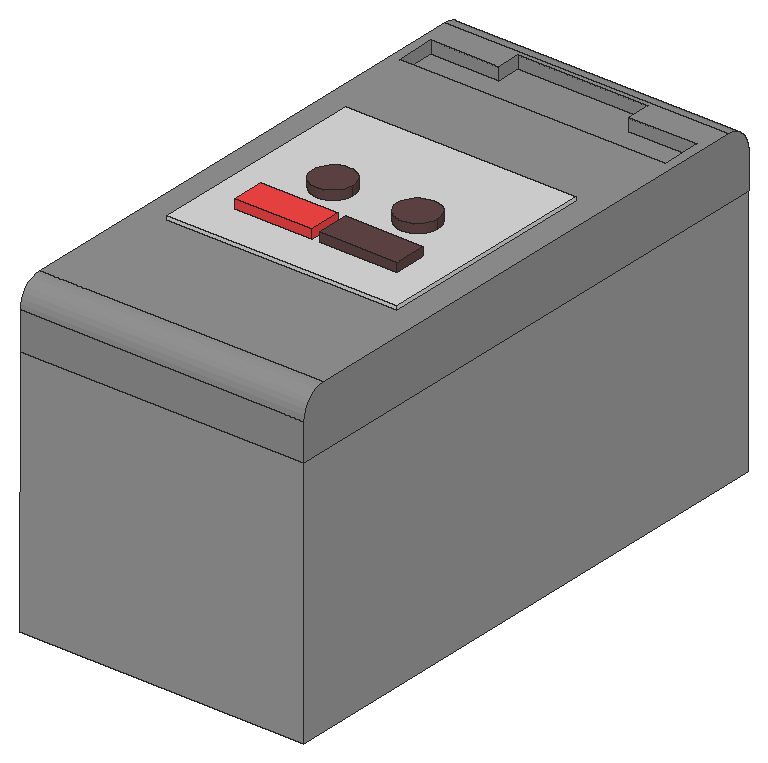
Revit family "Domotics-DomesticRanges-GEWISS-CHORUS_DATA-CONNECTOR_SOUND_DIFFUSION", category Apparecchi elettrici, host Superficie, Revit 2016
Family settings
  Host = Superficie
  Mantenere orientamento annotazione = Sì
  Tipo di parte = Normale
  Quota connettore circolare = Usa diametro
  Taglio con vuoti quando caricato = No
  Condiviso = Sì
  Punto di calcolo locali = Sì
Parameters (values of type "GW14458 - SOUND DIFFUSION CONNECTOR TITANIUM")
  struttura = Default
  Version file RFA = "19.0"
  URL = "https://www.gewiss.com/ww/en"
  Technical sheet = "https://www.gewiss.com/ww/en/search?q=GW14458"
  Simbolo [instance] = yes
  Tipo = CONNETTORE DIFFUSIONE SONORA : titanio
  SEO = "Socket outlet"
  Realized by GEWISS S.p.A. = ""
  No. Chorus modules: = "1"
  IDT = "1f108502-4920-4050-8423-f62229f2752f"
  IDF = "15f7e504-9186-4f21-a449-3aed8e615ebe"
  Electrocod = "3720                "
  EAN code = "8011564719262"
  Distanza_x [instance] = 37500 mm
  fronte = titanio
  Distanza_effettiva_x [instance] = 40000 mm - Distanza_x  # 2500 mm
  Default Elevation = 1219.2 mm
  Produttore = "GEWISS S.p.A."
  Offset_connettore [instance] = 0 mm
  Offset_bidimensionale [instance] = 2 mm
  Modello = "GW14458"
  Immagine tipo = GW14458.jpg
  IFC.TypeObject = ""
  IFC.ExportType = ""
  IFC.ExportAs = ""
  Descrizione = "SOUND DIFFUSION CONNECTOR TITANIUM"
  Description: = "Speaker socket"
  Description. = "Connector"
  Colour = "Titanium"
  Category = "Connector"
  Catalogue Range = "CHORUS - SERIE CIVILE"
  Catalogue = "DOMOTICS"
  COBie.Tagnumber = ""
  COBie.CreatedOn = ""
  COBie.CreatebBy = ""
  COBie.ComponentRegisterItemID = ""
  COBie.Component.TagNumber = ""
  COBie.Component.Space = ""
  COBie.Component.SerialNumber = ""
  COBie.Component.InstallationDate = ""
  COBie.Component.Description = ""
  COBie.Component.BarCode = ""
Types (3, lengths in mm): name | Technical sheet | Tipo | IDT | EAN code | fronte | Modello | Immagine tipo | Descrizione | Colour
  GW10458 - SOUND DIFFUSION CONNECTOR WHITE | "https://www.gewiss.com/ww/en/search?q=GW10458" | CONNETTORE DIFFUSIONE SONORA : bianco | "85f188fe-7926-46a7-bb7b-dbdd429801c5" | "8011564719200" | bianco | "GW10458" | GW10458.jpg | "SOUND DIFFUSION CONNECTOR WHITE" | "White"
  GW12458 - SOUND DIFFUSION CONNECTOR BLACK | "https://www.gewiss.com/ww/en/search?q=GW12458" | CONNETTORE DIFFUSIONE SONORA : nero | "39486d42-4fa4-4813-a014-094b83449e56" | "8011564719231" | Nero | "GW12458" | GW12458.jpg | "SOUND DIFFUSION CONNECTOR BLACK" | "Black"
  GW14458 - SOUND DIFFUSION CONNECTOR TITANIUM | "https://www.gewiss.com/ww/en/search?q=GW14458" | CONNETTORE DIFFUSIONE SONORA : titanio | "1f108502-4920-4050-8423-f62229f2752f" | "8011564719262" | titanio | "GW14458" | GW14458.jpg | "SOUND DIFFUSION CONNECTOR TITANIUM" | "Titanium"
Reference planes
  plane 1 "Centro (Fronte/Retro)": y = 0
  plane 2: z = 0
  plane 3 "Centro (Sinistra/Destra)": x = 0
  plane 4: z = 0
  plane 5: z = 25.371
  plane 6: x = -2500
  plane 7: x = 0
  plane 8: z = 27.371
  plane 9: through (-10.986, -4572, 3.503) normal (-0.9563, 0, -0.2924)
  plane 10: through (-28.131, -4572, 31.363) normal (-0.8988, 0, 0.4384)
  plane 11: through (21.745, -4572, 49.676) normal (0.9563, 0, 0.2924)
Lines and regions (mm)
  Masking region 1, detail levels coarse
    outline origin (0, 0, 0) x (1, 0, 0) y (0, 0, 1)
      loop
        line (-11.5, 25.371) -> (-11.5, 0) -> (11.5, 0) -> (11.5, 25.371) -> (-11.5, 25.371)
  Masking region 2, detail levels coarse
    outline origin (0, 0, 0) x (0, 1, 0) y (0, 0, 1)
      loop
        line (-0.924, 0) -> (-0.924, 25.371) -> (-22.5, 25.371) -> (-22.5, 0) -> (-0.924, 0)
Text (mm)
  text "A=b+c" at (5.896, 0, 74.565), in view "Anteriore"
Dimensions and locks
  plane 5 to plane 4 = 25.371 mm
  "Offset_connettore": plane 4 to plane 2
  plane 6 to plane 3 "Centro (Sinistra/Destra)" = 2500 mm
  "Distanza_effettiva_x": plane 6 to plane 7
  "Offset_bidimensionale": plane 8 to plane 5
  angle plane 10 to plane 9 = 43.00°
  angle host face to plane 10 = 64.00°
  angle plane 10 to plane 11 = 43.00°
  angle plane 7 to plane 11 = 17.00°
  aligned and locked: plane 2 to host face
  aligned and locked: level to host face
  aligned and locked: plane 1 "Centro (Fronte/Retro)" to nested 1
  aligned and locked: plane 3 "Centro (Sinistra/Destra)" to nested 1
  aligned and locked: plane 7 to nested 2
  aligned and locked: Masking region 1 sketch curve to plane 4
  aligned and locked: Masking region 1 sketch curve to plane 5
  aligned and locked: Masking region 2 sketch curve to nested 1
  aligned and locked: Masking region 2 sketch curve to plane 4
  aligned and locked: Masking region 2 sketch curve to plane 5
  aligned and locked: nested 1 to plane 4
  aligned and locked: import instance to nested 1
  aligned and locked: nested 1 to import instance
  aligned and locked: import instance to plane 8
Automatic sketch dimensions
  host sketch curve to host sketch curve = 2438.4 mm  (x2)
  Masking region 2 sketch curve to Masking region 2 sketch curve = 21.576 mm
  Masking region 1 sketch curve to plane 3 "Centro (Sinistra/Destra)" = 11.5 mm
  plane 3 "Centro (Sinistra/Destra)" to Masking region 1 sketch curve = 11.5 mm
Nested families
  nested 1: "CONNETTORE DIFFUSIONE SONORA" at (0, 0, 0), type <- "Tipo", type "titanio", detail levels medium+fine
  nested 2: "SIMBOLO PRESA USB" at (0, 1.544, 0), SIMBOLO <- "Simbolo", type "USB"
    with SIMBOLO yes, Distanza dal muro 4.208 mm, BORDO ACCESO yes
Definition of nested family "CONNETTORE DIFFUSIONE SONORA"
  Parameters (values of type "V")
    struttura = none
    sp = 20.371 mm
    l = 23 mm
    h = 45 mm  # constant formula
    fronte = none
  Reference planes
    plane 1 "Centro (Fronte/Retro)": y = 0
    plane 2: z = 0
    plane 3 "Centro (Sinistra/Destra)": x = 0
    plane 4: z = 25.371
    plane 5: z = 20.371
    plane 6: y = -22.5
    plane 7: y = 22.5
    plane 8: x = -11.5
    plane 9: x = 11.5
    plane 10: x = -9.31
    plane 11: x = 9.31
    plane 12: z = 24.371
    plane 13: y = 9.32
    plane 14: through (-25.708, -16.185, 1200) normal (-0.3584, 0.9336, 0)
    plane 15: through (-50.401, -1524, -15.365) normal (-0.454, 0, 0.891)
    plane 16: through (0, -1524, 10.316) normal (-0.2588, 0, -0.9659)
    plane 17: y = 7.725
    plane 18: y = -10.372
    plane 19: z = 25.671
    plane 20: z = 26.371
  Forms (mm)
    Extrusion 1, solid, material <- "fronte"
      sketch origin (0, 0, 0) x (0, 1, 0) y (0, 0, 1)
        loop
          arc (-20.5, 25.371) -> (-21.914, 24.785) -> (-22.5, 23.371) r 2
          line (-22.5, 23.371) -> (-22.5, 20.371) -> (22.5, 20.371) -> (22.5, 23.371)
          arc (22.5, 23.371) -> (21.914, 24.785) -> (20.5, 25.371) r 2
          line (20.5, 25.371) -> (-20.5, 25.371)
      from -11.5 to 11.5
    Extrusion 2, solid, material <- "struttura"
      sketch origin (0, 0, 0) x (0, 1, 0) y (0, 0, 1)
        loop
          line (-22.5, 20.371) -> (-22.5, 0) -> (22.5, 0) -> (22.5, 20.371) -> (-22.5, 20.371)
      from -11.5 to 11.5
    Extrusion 3, void
      sketch origin (0, -0.625, 0) x (1, 0, 0) y (0, 1, 0)
        loop
          line (-5.27, 20.769) -> (-5.27, 18.83) -> (-10.76, 18.83) -> (-10.76, 15.646) -> (10.76, 15.646) -> (10.76, 18.83) -> (5.27, 18.83) -> (5.27, 20.769) -> (-5.27, 20.769)
      from 24.371 to 25.371
    Extrusion 4, solid
      sketch origin (0, 0, 0) x (1, 0, 0) y (0, 1, 0)
        loop
          line (-9.31, -10.372) -> (9.31, -10.372) -> (9.31, 7.725) -> (-9.31, 7.725) -> (-9.31, -10.372)
      from 25.371 to 25.671
    Extrusion 5, solid
      sketch origin (0, 0, 0) x (1, 0, 0) y (0, 1, 0)
        loop
          line (0.304, -6.963) -> (6.562, -6.963) -> (6.562, -4.328) -> (0.304, -4.328) -> (0.304, -6.963)
        loop
          circle (-3.433, -0.924) r 1.647
        loop
          circle (3.433, -0.924) r 1.647
      from 24.371 to 26.371
    Extrusion 6, solid
      sketch origin (0, 0, 0) x (1, 0, 0) y (0, 1, 0)
        loop
          line (-6.562, -4.328) -> (-6.562, -6.963) -> (-0.304, -6.963) -> (-0.304, -4.328) -> (-6.562, -4.328)
      from 24.371 to 26.371
  Cuts and joins
    Extrusion 3 cuts Extrusion 1
    Extrusion 3 cuts Extrusion 2
  Dimensions and locks
    locked: plane 4 to plane 5 at 5
    equal spacing: plane 6, plane 1 "Centro (Fronte/Retro)", plane 7
    "h": plane 6 to plane 7
    "sp": plane 5 to plane 2
    equal spacing: plane 8, plane 3 "Centro (Sinistra/Destra)", plane 9
    "l": plane 8 to plane 9
    locked: plane 8 to plane 10 at 2.19
    locked: plane 11 to plane 9 at 2.19
    locked: plane 4 to plane 12 at 1
    plane 17 to plane 13 = 1.596 mm
    locked: plane 19 to plane 4 at 0.3
    locked: plane 20 to plane 4 at 1
    radius of Extrusion 1 sketch curve = 2 mm  (x2)
    angle plane 13 to plane 14 = 21.00°
    angle plane 7 to plane 14 = 21.00°
    angle plane 6 to plane 14 = 21.00°
    angle plane 16 to plane 15 = 42.00°
    angle plane 5 to plane 16 = 165.00°
    angle plane 15 to plane 5 = 153.00°
    aligned and locked: level to plane 2
    aligned and locked: Extrusion 1 sketch curve to plane 4
    aligned and locked: Extrusion 1 sketch curve to plane 5
    aligned and locked: Extrusion 2 sketch curve to plane 5
    aligned and locked: Extrusion 2 sketch curve to plane 6
    aligned and locked: Extrusion 2 sketch curve to plane 7
    aligned and locked: Extrusion 2 sketch curve to level
    aligned and locked: Extrusion 2 to plane 8
    aligned and locked: Extrusion 2 to plane 9
    aligned and locked: Extrusion 1 to plane 8
    aligned and locked: Extrusion 1 to plane 9
    aligned and locked: plane 4 to Extrusion 3
    aligned and locked: plane 12 to Extrusion 3
    aligned and locked: Extrusion 4 to plane 4
    aligned and locked: plane 19 to Extrusion 4
    aligned and locked: Extrusion 5 sketch curve to import instance  (x2)
    aligned and locked: cut or joined group of Extrusion 1, Extrusion 3 to Extrusion 5
    aligned and locked: plane 20 to Extrusion 5
    aligned and locked: Extrusion 6 sketch curve to import instance  (x4)
    aligned and locked: plane 12 to Extrusion 6
    aligned and locked: plane 20 to Extrusion 6
  Automatic sketch dimensions
    Extrusion 1 sketch curve to plane 6 = 0 mm
    Extrusion 1 sketch curve to plane 7 = 0 mm
    plane 8 to Extrusion 3 sketch curve = 0.74 mm
    Extrusion 3 sketch curve to plane 10 = 4.04 mm
    plane 7 to Extrusion 3 sketch curve = 2.356 mm
    plane 11 to Extrusion 3 sketch curve = 4.04 mm
    plane 9 to Extrusion 3 sketch curve = 0.74 mm
    plane 7 to Extrusion 3 sketch curve = 4.295 mm
    Extrusion 3 sketch curve to Extrusion 3 sketch curve = 1.94 mm
    Extrusion 3 sketch curve to Extrusion 3 sketch curve = 3.184 mm
    Extrusion 4 sketch curve to plane 10 = 0 mm
    Extrusion 4 sketch curve to plane 11 = 0 mm
    plane 18 to Extrusion 4 sketch curve = 0 mm
    plane 17 to Extrusion 4 sketch curve = 0 mm
    plane 3 "Centro (Sinistra/Destra)" to Extrusion 5 sketch curve = 0.304 mm
    plane 11 to Extrusion 5 sketch curve = 2.748 mm
    Extrusion 5 sketch curve to plane 18 = 3.409 mm
    Extrusion 5 sketch curve to Extrusion 5 sketch curve = 2.635 mm
Definition of nested family "SIMBOLO PRESA USB"
  Parameters (values of type "USB")
    SIMBOLO [instance] = yes
    Distanza dal muro [instance] = 4.208 mm
    BORDO ACCESO [instance] = yes
  Reference planes
    plane 1: y = 0
    plane 2: x = 0
  Dimensions and locks
    aligned and locked: plane 2 to nested 1
    aligned and locked: plane 1 to nested 1
  Nested families
    nested 1: "SIMBOLO PRESA USB_BASE" at (0, 0, 0), BORDO ACCESO <- "BORDO ACCESO", visible <- "SIMBOLO", type "USB"
      with BORDO ACCESO yes
  Definition of nested family "SIMBOLO PRESA USB_BASE"
    Parameters (values of type "USB")
      Distanza dal muro = 4.208 mm
      BORDO ACCESO [instance] = yes
    Reference planes
      plane 1: y = 0
      plane 2: x = 0
    Lines and regions (mm)
      detail lines, visible <- "BORDO ACCESO", not visible
        curve 1: line (-1.743, 9.208, 0) -> (2.057, 9.208, 0)
        curve 2: line (2.057, 9.208, 0) -> (2.057, 4.208, 0)
        curve 3: line (2.057, 4.208, 0) -> (-1.743, 4.208, 0)
        curve 4: line (-1.743, 4.208, 0) -> (-1.743, 9.208, 0)
        curve 5: line (-1.543, 9.008, 0) -> (1.857, 9.008, 0)
        curve 6: line (1.857, 9.008, 0) -> (1.857, 4.408, 0)
        curve 7: line (1.857, 4.408, 0) -> (-1.543, 4.408, 0)
        curve 8: line (-1.543, 4.408, 0) -> (-1.543, 9.008, 0)
